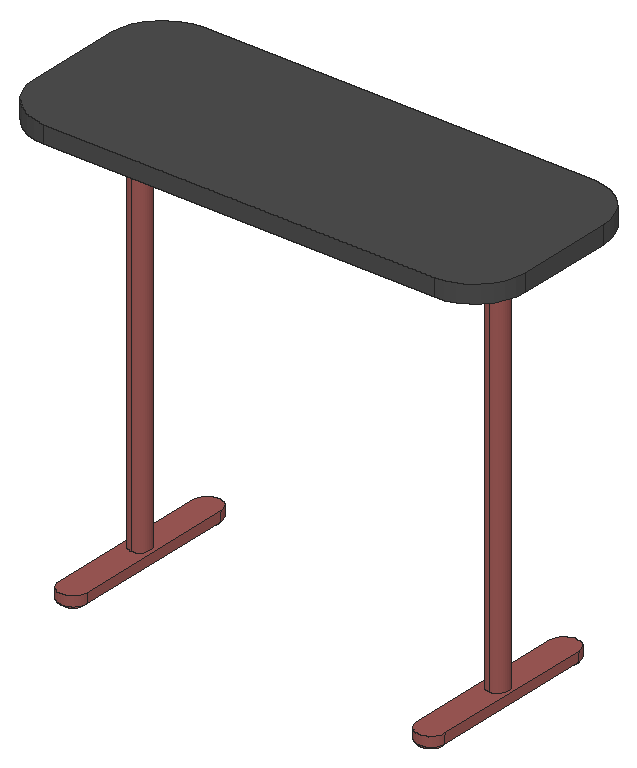
Revit family "Table-Teknion-CQTLT_Routes_Laptop_Table-R2018", category Furniture, Revit 2018
Family settings
  OmniClass Number = 23.40.70.14.64.21
  OmniClass Title = Systems Furniture
  Work Plane-Based = No
  Always vertical = Yes
  Cut with Voids When Loaded = No
  Shared = Yes
  Room Calculation Point = No
Parameters (values of type "12"d x 30"w")
  Warranty = "http://www.teknion.com/ca/papers/legal-canada"
  URL = "http://www.teknion.com"
  Sustainability Data = "http://www.teknion.com/ca/tools/assets#&asset=444deb64-fe58-4b68-981e-f75e97781df7,b4ff2d81-9f2e-437d-9659-7cffb09c31cf"
  Surface Finish [instance] = Foundation Laminate-Teknion-6K-Matte-Black
  Series = "Routes"  # constant formula
  Product Page URL = "https://www.teknion.com/ca/products/all-products"
  Product Line = "Routes"  # constant formula
  Product Documentation Link = "https://assets.teknion.com/m/72af4764f50e983c/original/Routes-Reference-Guide.pdf"
  Part Number = "CQTLT"  # constant formula
  Model = "CQTLT1230"
  Manufacturer Phone = "416-661-3370"
  Manufacturer Fax = "416.661.4586"
  Manufacturer Contact Information = "http://www.teknion.com/ca/contactus"
  Manufacturer Address = "1150 Flint Road, Toronto, ON. M3J 2J5. Canada"
  Manufacturer = "Teknion"  # constant formula
  Frame Finish [instance] = Paint - Teknion - Accent - Crimson
  Description = "Routes Laptop Table, 12\" Depth, 30\" Width"
  Assembly Code = "E2020200"
Reference planes (in)
  plane 1 "Center (Front/Back)": y = 0
  plane 2: z = 0
  plane 3 "Center L/R": x = 0
  plane 4 "Top": z = 26.28125
  plane 5: z = 25.2
  plane 6 "Right": x = 15.1
  plane 7 "Left": x = -15.1
  plane 8 "Back": y = 6.1
  plane 9 "Front": y = -6.1
Forms (in)
  Sweep 1, solid, material "Paint - Teknion - Accent - Crimson" <- "Frame Finish"
    path origin (0, -18, 0) x (1, 0, 0) y (0, 0, 1)
      loop
        line (0, 0.72378) -> (0, 0.15291)
    profile origin (0, -18, 0.43834) x (0, -1, 0) y (1, 0, 0)
      loop
        line (-23.12513, -11.875) -> (-12.87487, -11.875)
        arc (-12.87487, -11.875) -> (-11.99987, -11) -> (-12.87487, -10.125) r 0.875
        line (-12.87487, -10.125) -> (-23.12513, -10.125)
        arc (-23.12513, -10.125) -> (-24.00013, -11) -> (-23.12513, -11.875) r 0.875
      loop
        arc (-23.12513, 11.875) -> (-24.00013, 11) -> (-23.12513, 10.125) r 0.875
        line (-23.12513, 10.125) -> (-12.87487, 10.125)
        arc (-12.87487, 10.125) -> (-11.99987, 11) -> (-12.87487, 11.875) r 0.875
        line (-12.87487, 11.875) -> (-23.12513, 11.875)
  Sweep 2, solid, material "Foundation Laminate-Teknion-6K-Matte-Black" <- "Surface Finish"
    path origin (0, -18, -10) x (1, 0, 0) y (0, 0, 1)
      loop
        line (0, 35.2) -> (0, 36.28125)
    profile origin (0, -18, 25.74063) x (-1, 0, 0) y (0, -1, 0)
      loop
        arc (12, -24.1) -> (14.19203, -23.19203) -> (15.1, -21) r 3.1
        line (15.1, -21) -> (15.1, -15)
        arc (15.1, -15) -> (14.19203, -12.80797) -> (12, -11.9) r 3.1
        line (12, -11.9) -> (-12, -11.9)
        arc (-12, -11.9) -> (-14.19203, -12.80797) -> (-15.1, -15) r 3.1
        line (-15.1, -15) -> (-15.1, -21)
        arc (-15.1, -21) -> (-14.19203, -23.19203) -> (-12, -24.1) r 3.1
        line (-12, -24.1) -> (12, -24.1)
  Sweep 3, solid, material "Paint - Teknion - Accent - Crimson" <- "Frame Finish"
    path origin (0, -18, 0) x (1, 0, 0) y (0, 0, 1)
      loop
        line (0, 0.15291) -> (0, 0)
    profile origin (0, -18, 0.07646) x (0, -1, 0) y (1, 0, 0)
      loop
        circle (-23.12956, -10.99946) r 0.75
      loop
        circle (-12.87215, -11.00033) r 0.74803
      loop
        circle (-23.12956, 10.99946) r 0.75
      loop
        circle (-12.87215, 11.00033) r 0.74803
  Sweep 4, solid, material "Paint - Teknion - Accent - Crimson" <- "Frame Finish"
    path origin (0, -18, 0) x (1, 0, 0) y (0, 0, 1)
      loop
        line (-11, 25.125) -> (-11, 25.2)
    profile origin (-11, -18, 25.1625) x (-1, 0, 0) y (0, -1, 0)
      loop
        circle (-0.00355, -18) r 1.99718
      loop
        circle (-21.99645, -18) r 1.99718
  Sweep 5, solid, material "Paint - Teknion - Accent - Crimson" <- "Frame Finish"
    path origin (0, -18, 0) x (1, 0, 0) y (0, 0, 1)
      loop
        line (-10.99645, 25.125) -> (-10.99645, 0.72378)
    profile origin (-10.99645, -18, 12.92439) x (0, -1, 0) y (1, 0, 0)
      loop
        circle (-18, -0.00504) r 0.62531
      loop
        circle (-18, 21.99795) r 0.62531
Lines and regions (in)
  Masking region 1
    outline origin (0, 0, 7.16145) x (0, 1, 0) y (-1, 0, 0)
      loop
        line (3, 15.1) -> (-3, 15.1)
        arc (-3, 15.1) -> (-5.19203, 14.19203) -> (-6.1, 12) r 3.1
        line (-6.1, 12) -> (-6.1, -12)
        arc (-6.1, -12) -> (-5.19203, -14.19203) -> (-3, -15.1) r 3.1
        line (-3, -15.1) -> (3, -15.1)
        arc (3, -15.1) -> (5.19203, -14.19203) -> (6.1, -12) r 3.1
        line (6.1, -12) -> (6.1, 12)
        arc (6.1, 12) -> (5.19203, 14.19203) -> (3, 15.1) r 3.1
  symbolic lines, style "FurnitureHiddenLines", detail levels medium+fine
    curve 1: arc (-12.99363, 0, 7.16145) -> (-10.99645, 1.99718, 7.16145) -> (-8.99927, 0, 7.16145) r 1.99718
    curve 2: arc (-8.99927, 0, 7.16145) -> (-10.99645, -1.99718, 7.16145) -> (-12.99363, 0, 7.16145) r 1.99718
    curve 3: line (-11.875, 5.12513, 7.16145) -> (-11.875, -5.12513, 7.16145)
    curve 4: line (-10.125, -5.12513, 7.16145) -> (-10.125, 5.12513, 7.16145)
    curve 5: arc (-10.125, 5.12513, 7.16145) -> (-11, 6.00013, 7.16145) -> (-11.875, 5.12513, 7.16145) r 0.875
    curve 6: arc (-11.875, -5.12513, 7.16145) -> (-11, -6.00013, 7.16145) -> (-10.125, -5.12513, 7.16145) r 0.875
    curve 7: line (10.125, 5.12513, 7.16145) -> (10.125, -5.12513, 7.16145)
    curve 8: line (11.875, -5.12513, 7.16145) -> (11.875, 5.12513, 7.16145)
    curve 9: arc (11.875, 5.12513, 7.16145) -> (11, 6.00013, 7.16145) -> (10.125, 5.12513, 7.16145) r 0.875
    curve 10: arc (10.125, -5.12513, 7.16145) -> (11, -6.00013, 7.16145) -> (11.875, -5.12513, 7.16145) r 0.875
    curve 19: arc (8.99927, 0, 7.16145) -> (10.99645, 1.99718, 7.16145) -> (12.99363, 0, 7.16145) r 1.99718
    curve 20: arc (12.99363, 0, 7.16145) -> (10.99645, -1.99718, 7.16145) -> (8.99927, 0, 7.16145) r 1.99718
    curve 21: arc (-11.00149, 0.62531, 7.16145) -> (-11.62681, 0, 7.16145) -> (-11.00149, -0.62531, 7.16145) r 0.62531
    curve 22: arc (-11.00149, -0.62531, 7.16145) -> (-10.37618, 0, 7.16145) -> (-11.00149, 0.62531, 7.16145) r 0.62531
    curve 23: arc (11.00149, 0.62531, 7.16145) -> (10.37618, 0, 7.16145) -> (11.00149, -0.62531, 7.16145) r 0.62531
    curve 24: arc (11.00149, -0.62531, 7.16145) -> (11.62681, 0, 7.16145) -> (11.00149, 0.62531, 7.16145) r 0.62531
  symbolic lines, style "FurnitureHiddenLines", detail levels fine
    curve 11: arc (-10.99946, 4.37956, 7.16145) -> (-10.24946, 5.12956, 7.16145) -> (-10.99946, 5.87956, 7.16145) r 0.75
    curve 12: arc (-10.99946, 5.87956, 7.16145) -> (-11.74946, 5.12956, 7.16145) -> (-10.99946, 4.37956, 7.16145) r 0.75
    curve 13: arc (-11.00033, -4.37982, 7.16145) -> (-11.74836, -5.12785, 7.16145) -> (-11.00033, -5.87588, 7.16145) r 0.74803
    curve 14: arc (-11.00033, -5.87588, 7.16145) -> (-10.2523, -5.12785, 7.16145) -> (-11.00033, -4.37982, 7.16145) r 0.74803
    curve 15: arc (10.99946, 5.87956, 7.16145) -> (10.24946, 5.12956, 7.16145) -> (10.99946, 4.37956, 7.16145) r 0.75
    curve 16: arc (10.99946, 4.37956, 7.16145) -> (11.74946, 5.12956, 7.16145) -> (10.99946, 5.87956, 7.16145) r 0.75
    curve 17: arc (11.00033, -4.37982, 7.16145) -> (10.2523, -5.12785, 7.16145) -> (11.00033, -5.87588, 7.16145) r 0.74803
    curve 18: arc (11.00033, -5.87588, 7.16145) -> (11.74836, -5.12785, 7.16145) -> (11.00033, -4.37982, 7.16145) r 0.74803
Dimensions and locks (in)
  locked: plane 4 "Top" to plane 2 at 26.28125
  plane 2 to Sweep 1 sketch curve = 0.72378"
  equal spacing: plane 7 "Left", plane 3 "Center L/R", plane 6 "Right"
  locked: plane 7 "Left" to plane 6 "Right" at 30.2
  equal spacing: plane 8 "Back", plane 1 "Center (Front/Back)", plane 9 "Front"
  locked: plane 8 "Back" to plane 9 "Front" at 12.2
  Sweep 1 sketch curve to Sweep 1 sketch curve to plane 2 = 0.57087" locked, 0.15291" locked
  aligned and locked: level to plane 2
  aligned and locked: plane 3 "Center L/R" to Sweep 1 sketch curve
  aligned and locked: plane 3 "Center L/R" to Sweep 2 sketch curve
  aligned and locked: plane 7 "Left" to Sweep 2
  aligned and locked: plane 6 "Right" to Sweep 2
  aligned and locked: Sweep 3 sketch curve to plane 3 "Center L/R"
  aligned and locked: plane 2 to Sweep 3 sketch curve
  aligned and locked: Sweep 1 to Sweep 3 sketch curve
Automatic sketch dimensions
  profile plane to Sweep 2 sketch curve = 12.000"
  Sweep 2 sketch curve to Sweep 2 sketch curve = 0.000"  (x2)
  Sweep 2 sketch curve to profile plane = 12.000"
  Sweep 2 sketch curve to Sweep 2 sketch curve = 3.100"  (x2)
  Sweep 2 sketch curve to profile plane = 24.100"
  Sweep 2 sketch curve to Sweep 2 sketch curve = 6.000"
  profile plane to Sweep 1 sketch curve = 11.875"
  Sweep 1 sketch curve to profile plane = 23.12513"
  Sweep 1 sketch curve to Sweep 1 sketch curve = 0.000"
  Sweep 1 sketch curve to Sweep 1 sketch curve = 10.25027"  (x2)
  Sweep 1 sketch curve to Sweep 1 sketch curve = 0.875"  (x2)
  Sweep 1 sketch curve to profile plane = 10.125"
  Sweep 3 sketch curve to profile plane = 10.99946"
  Sweep 3 sketch curve to profile plane = 23.12956"
  Sweep 3 sketch curve to Sweep 3 sketch curve = 0.000"
  Sweep 3 sketch curve to Sweep 3 sketch curve = 10.25741"  (x2)
  profile plane to Sweep 3 sketch curve = 10.99946"
  Sweep 3 sketch curve to Sweep 3 sketch curve = 0.00087"  (x2)
  Sweep 2 sketch curve to plane 5 = 0.000"
  Sweep 2 sketch curve to plane 4 "Top" = 0.000"
  Sweep 4 sketch curve to plane 5 = 0.000"
  Sweep 4 sketch curve to plane 7 "Left" = 4.100"
  Sweep 4 sketch curve to Sweep 4 sketch curve = 0.075"
  profile plane to Sweep 4 sketch curve = 21.99645"
  profile plane to Sweep 4 sketch curve = 0.00355"
  Sweep 4 sketch curve to profile plane = 18.000"  (x2)
  level to Sweep 5 sketch curve = 0.72378"
  Sweep 5 sketch curve to plane 7 "Left" = 4.10355"
  plane 5 to Sweep 5 sketch curve = 0.075"
  Sweep 5 sketch curve to profile plane = 18.000"  (x2)
  profile plane to Sweep 5 sketch curve = 0.00504"
  Sweep 5 sketch curve to profile plane = 21.99795"
  Masking region 1 sketch curve to plane 7 "Left" = 0.000"
  Masking region 1 sketch curve to plane 8 "Back" = 0.000"
  Masking region 1 sketch curve to plane 1 "Center (Front/Back)" = 3.000"
  Masking region 1 sketch curve to plane 6 "Right" = 3.100"
  Masking region 1 sketch curve to plane 6 "Right" = 0.000"
  plane 1 "Center (Front/Back)" to Masking region 1 sketch curve = 3.000"
  Masking region 1 sketch curve to plane 9 "Front" = 0.000"
  Masking region 1 sketch curve to plane 7 "Left" = 3.100"
  plane 1 "Center (Front/Back)" to curve 1 = 0.000"
  curve 2 to plane 7 "Left" = 4.10355"
  curve 1 to curve 1 = 1.99718"
  curve 3 to plane 8 "Back" = 0.97487"
  curve 4 to plane 7 "Left" = 4.975"
  curve 5 to curve 5 = 0.875"
  plane 9 "Front" to curve 3 = 0.97487"
  curve 7 to plane 8 "Back" = 0.97487"
  curve 7 to plane 6 "Right" = 4.975"
  curve 9 to curve 7 = 0.875"
  plane 9 "Front" to curve 7 = 0.97487"
  curve 5 to curve 12 = 0.00443"
  curve 11 to curve 5 = 0.00054"
  curve 12 to curve 5 = 0.74557"
  curve 13 to curve 6 = 0.00271"
  curve 6 to curve 14 = 0.00033"
  plane 9 "Front" to curve 14 = 0.22412"
  curve 9 to curve 15 = 0.00443"
  curve 9 to curve 16 = 0.00054"
  curve 15 to curve 9 = 0.74557"
  curve 17 to curve 10 = 0.00271"
  curve 18 to curve 10 = 0.00033"
  plane 9 "Front" to curve 18 = 0.22412"
  plane 1 "Center (Front/Back)" to curve 19 = 0.000"
  curve 20 to plane 6 "Right" = 4.10355"
  curve 19 to curve 19 = 1.99718"
  plane 1 "Center (Front/Back)" to curve 22 = 0.000"
  curve 1 to curve 22 = 0.00504"
  plane 1 "Center (Front/Back)" to curve 21 = 0.62531"
  curve 23 to curve 24 = 0.000"  (x2)
  plane 1 "Center (Front/Back)" to curve 24 = 0.000"
  curve 23 to curve 19 = 0.00504"
  plane 1 "Center (Front/Back)" to curve 24 = 0.62531"
  radius of Sweep 3 sketch curve = 0.750"  (x2)
  radius of Sweep 3 sketch curve = 0.74803"  (x2)
  radius of Sweep 4 sketch curve = 1.99718"  (x2)
  radius of Sweep 5 sketch curve = 0.62531"  (x2)
